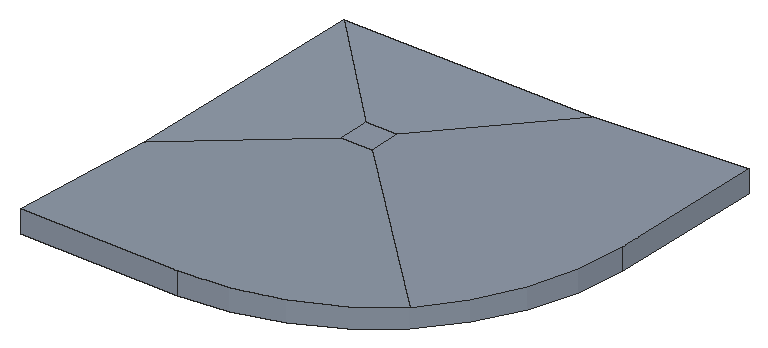
Revit family "NBS_wediSystemsUKLtd_ShwrTrys_wediFundoBorgo", category Plumbing Fixtures, host Face, Revit 2019
Family settings
  Host = Face
  Round Connector Dimension = Use Diameter
  Part Type = Normal
  Cut with Voids When Loaded = No
  Shared = No
  Room Calculation Point = No
Parameters (values of type "wediFundoBorgo_1000x1000x40mm")
  Width = 900 mm
  WediStructuralMaterial = NBS_wedi_PolystyreneExpanded
  WasteHole = "DN40"
  WarrantyStartDate [instance] = "1900-12-31T23:59:59"
  WarrantyGuarantorParts = "n/a"
  WarrantyGuarantorLabor = "n/a"
  WarrantyDurationUnit = "year"
  WarrantyDurationParts = "n/a"
  WarrantyDurationLabor = "n/a"
  WarrantyDescription = "available on request"
  Version = "1"  # constant formula
  Uniclass2015Version = "Products v1.14"
  Uniclass2015Title = "Shower trays"
  Uniclass2015Code = "Pr_40_20_06_84"
  ThermalConductivity = "0.036 W/mK"
  TagNumber [instance] = "n/a"
  SustainabilityPerformance = "n/a"
  Size = "1000 x 1000 x 40 mm"
  Shape = "Square"
  SerialNumber [instance] = "n/a"
  Revision = "n/a"
  ReplacementCost = "n/a"
  ProductInformation = "https://www.wedi.de/en/products/building-systems/floor-level-showers/fundo-borgo/"
  OperatingTemperatureRange = "-50°C / +75°C"
  NominalWidth = 900 mm
  NominalLength = 900 mm
  NominalHeight = 40 mm
  Name = "ShowerTrays_wediFundoBorgo_1000x1000x40mm_wediSystemsUKLtd"
  NBSReference = "45-35-70/336"
  NBSDescription = "Shower trays"
  NBSCertification = "www.nationalbimlibrary.com/cert/qj1xjcpp"
  ModelReference = "wedi Fundo Borgo floor element"
  ModelNumber = "073736576"
  MaterialsBody = "A waterproof extruded polystyrene rigid foam core with a special, resistant and glass fibre reinforced cement coating"
  Material = "A waterproof extruded polystyrene rigid foam core with a special, resistant and glass fibre reinforced cement coating"
  ManufacturerURL = "https://www.wedi.de/uk/"
  ManufacturerName = "wedi Systems (UK) Ltd"  # constant formula
  Manufacturer = "technical@wedi.co.uk"
  Length = 900 mm
  IntegralAccessories = "n/a"
  InstallationDate [instance] = "1900-12-31T23:59:59"
  IfcExportType = "SHOWER"  # constant formula
  IfcExportAs = "IfcSanitaryTerminalType"  # constant formula
  Grade = "n/a"
  Form = "Floor-level shower element for direct tiling with horizontal floor drain, Minimal installation height of 65 mm incl. Drain"
  FirePerformance = "Class E"
  Finish = "resistant and glass fibre reinforced cement coating"
  Features = "Minimal installation height of 65 mm incl. Drain, Ideally suited for renovations, Precise slope with integrated drain, 100% waterproof to the core"
  FaceFinish = NBS_wedi_PolystyreneExpanded
  ExpectedLife = "30"
  DurationUnit = "year"
  Description = "wedi Fundo Borgo, floor element, Complete system incl. drainage technology, point drain"
  Density = "32 kg/m³"
  Default Elevation = 1219.2 mm
  Constituents = "n/a"
  CompressiveStrength = "0.08 N/mm²"
  Color = "Grey"
  CodePerformance = "n/a"
  Category = "Pr_40_20_06_84:Shower trays"
  BarCode [instance] = "n/a"
  BIMObjectName = "NBS_wediSystemsUKLtd_ShowerTrays_wediFundoBorgo_1000x1000x40mm"
  Author = "NBS"  # constant formula
  AssetType = "Fixed"
  AssetIdentifier [instance] = "n/a"
  AccessibilityPerformance = "n/a"
Types (4, lengths in mm): name | Size | Name | ModelNumber | Features | FaceFinish | BIMObjectName
  (no name) | "1000 x 1000 x 40 mm" | "ShowerTrays_wediFundoBorgo_1000x1000x40mm_wediSystemsUKLtd" | "073736576" | "Minimal installation height of 65 mm incl. Drain, Ideally suited for renovations, Precise slope with integrated drain, 100% waterproof to the core" | NBS_wedi_PolystyreneExpanded | "NBS_wediSystemsUKLtd_ShowerTrays_wediFundoBorgo_1000x1000x40mm"
  wedi Fundo Borgo floor element | "900 x 900 x 40 mm" | "ShowerTrays_wediFundoBorgo_900x900x40mm_wediSystemsUKLtd" | "073735576" | "Minimal installation height of 65 mm incl, Drain, Ideally suited for renovations, Precise slope with integrated drain, 100% waterproof to the core" | none | "NBS_wediSystemsUKLtd_ShowerTrays_wediFundoBorgo_900x900x40mm"
  wediFundoBorgo_900x900x40mm | "900 x 900 x 40 mm" | "ShowerTrays_wediFundoBorgo_900x900x40mm_wediSystemsUKLtd" | "073735576" | "Minimal installation height of 65 mm incl. Drain, Ideally suited for renovations, Precise slope with integrated drain, 100% waterproof to the core" | none | "NBS_wediSystemsUKLtd_ShowerTrays_wediFundoBorgo_900x900x40mm"
  wediFundoBorgo_1000x1000x40mm | "1000 x 1000 x 40 mm" | "ShowerTrays_wediFundoBorgo_1000x1000x40mm_wediSystemsUKLtd" | "073736576" | "Minimal installation height of 65 mm incl. Drain, Ideally suited for renovations, Precise slope with integrated drain, 100% waterproof to the core" | NBS_wedi_PolystyreneExpanded | "NBS_wediSystemsUKLtd_ShowerTrays_wediFundoBorgo_1000x1000x40mm"
Reference planes
  plane 1 "Back": y = 0
  plane 2: z = 0
  plane 3 "Center (Left/Right)": x = 0
  plane 4 "Right": x = 450
  plane 5 "Front": y = -900
  plane 6: z = -50
  plane 7 "Left": x = -450
  plane 8: z = -15
  plane 9: y = -350
  plane 10: x = -100
  plane 11: y = -276.5
  plane 12: x = -173.5
Forms (mm)
  Extrusion 1, void
    sketch origin (0, 0, 0) x (1, 0, 0) y (0, 1, 0)
      loop
        line (-450, 0) -> (-450, -900) -> (-100, -900)
        arc (-100, -900) -> (288.909, -738.909) -> (450, -350) r 550
        line (450, -350) -> (450, 0) -> (-450, 0)
    from -50 to 0
  Extrusion 2, solid, material "NBS_wedi_PolystyreneExpanded" <- "WediStructuralMaterial", detail levels medium+fine
    sketch origin (0, 0, 0) x (1, 0, 0) y (0, 1, 0)
      loop
        line (-450, 0) -> (-450, -900) -> (-100, -900)
        arc (-100, -900) -> (288.909, -738.909) -> (450, -350) r 550
        line (450, -350) -> (450, 0) -> (-450, 0)
    from -50 to 0
  Sweep 3, void
    path origin (0, 0, 0) x (1, 0, 0) y (0, 1, 0)
      loop
        line (-138.5, -241.5) -> (-208.5, -241.5) -> (-208.5, -311.5) -> (-138.5, -311.5) -> (-138.5, -241.5)
    profile origin (-173.5, -241.5, 0) x (0, -1, 0) y (0, 0, 1)
      loop
        line (-980.123, 20) -> (0, -31.366) -> (0, 20) -> (-980.123, 20)
  Extrusion 4, void
    sketch origin (0, 0, 0) x (1, 0, 0) y (0, 1, 0)
      loop
        line (-208.5, -241.5) -> (-208.5, -311.5) -> (-138.5, -311.5) -> (-138.5, -241.5) -> (-208.5, -241.5)
    from -31.366 to 23.765
  Extrusion 5, solid, material "NBS_wedi_PolystyreneExpanded" <- "FaceFinish", detail levels coarse
    sketch origin (0, 0, 0) x (1, 0, 0) y (0, 1, 0)
      loop
        line (450, 0) -> (-450, 0) -> (-450, -900) -> (-100, -900)
        arc (-100, -900) -> (288.909, -738.909) -> (450, -350) r 550
        line (450, -350) -> (450, 0)
    from 0 to 28.567
Cuts and joins
  Sweep 3, Extrusion 4 cuts Extrusion 2
Dimensions and locks
  "Length": plane 1 "Back" to plane 5 "Front"
  level to plane 6 = 50 mm
  equal spacing: plane 7 "Left", plane 3 "Center (Left/Right)", plane 4 "Right"
  "Width": plane 7 "Left" to plane 4 "Right"
  locked: plane 8 to plane 6 at 35
  plane 7 "Left" to plane 12 = 276.5 mm
  plane 11 to plane 1 "Back" = 276.5 mm
  radius of Extrusion 1 sketch curve = 550 mm
  radius of Extrusion 2 sketch curve = 550 mm
  aligned and locked: plane 2 to host face
  aligned and locked: level to host face
  aligned and locked: plane 1 "Back" to Extrusion 1 sketch curve
  aligned and locked: Extrusion 1 sketch curve to plane 4 "Right"
  aligned and locked: host face to Extrusion 1
  aligned and locked: Extrusion 1 to plane 6
  aligned and locked: plane 7 "Left" to Extrusion 1 sketch curve
  aligned and locked: plane 10 to Extrusion 1 sketch curve
  aligned and locked: plane 9 to Extrusion 1 sketch curve
  aligned and locked: Extrusion 2 sketch curve to plane 7 "Left"
  aligned and locked: Extrusion 2 sketch curve to plane 1 "Back"
  aligned and locked: Extrusion 2 sketch curve to plane 4 "Right"
  aligned and locked: Extrusion 2 sketch curve to plane 5 "Front"
  aligned and locked: plane 10 to Extrusion 2 sketch curve
  aligned and locked: plane 9 to Extrusion 2 sketch curve
  aligned and locked: Extrusion 2 to plane 6
  aligned and locked: level to Extrusion 2
Automatic sketch dimensions
  host sketch curve to host sketch curve = 2438.4 mm
  host sketch curve to host sketch curve = 1542.591 mm
  Sweep 3 sketch curve to plane 12 = 35 mm
  plane 12 to Sweep 3 sketch curve = 35 mm
  Sweep 3 sketch curve to Sweep 3 sketch curve = 70 mm
  plane 11 to Sweep 3 sketch curve = 35 mm
  Sweep 3 sketch curve to profile plane = 0 mm
  level to Sweep 3 sketch curve = 20 mm
  profile plane to Sweep 3 sketch curve = 980.123 mm
  Sweep 3 sketch curve to level = 31.366 mm
  Extrusion 4 sketch curve to plane 12 = 35 mm
  plane 12 to Extrusion 4 sketch curve = 35 mm
  Extrusion 4 sketch curve to plane 11 = 35 mm
  plane 11 to Extrusion 4 sketch curve = 35 mm
  plane 1 "Back" to Extrusion 5 sketch curve = 0 mm
  Extrusion 5 sketch curve to plane 7 "Left" = 0 mm
  plane 4 "Right" to Extrusion 5 sketch curve = 0 mm
  Extrusion 5 sketch curve to plane 5 "Front" = 0 mm
  plane 10 to Extrusion 5 sketch curve = 0 mm
